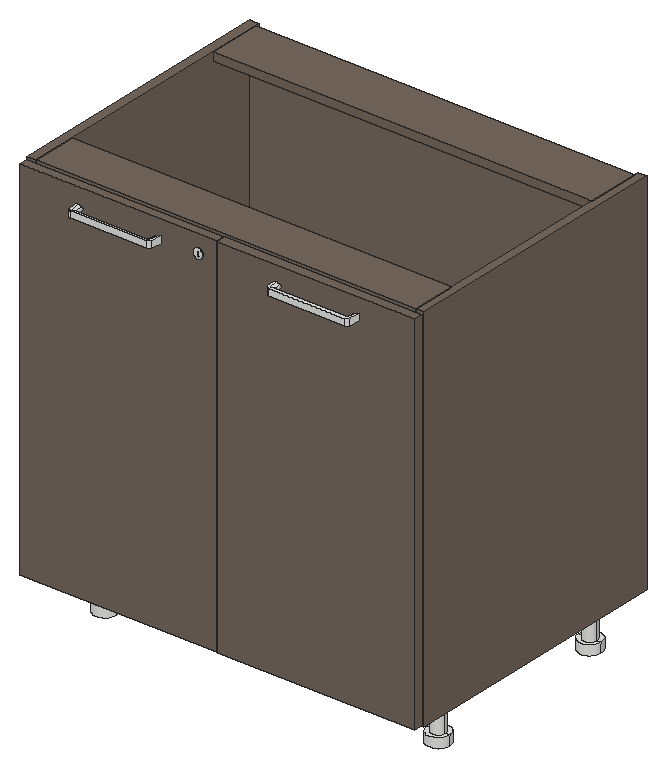
Revit family "Base_Cabinets-Teknion-CEBKS_Base_Cabinet_For_Sink_Doors-R2023", category Furniture, Revit 2023
Family settings
  OmniClass Number = 23.40.20.00
  OmniClass Title = General Furniture and Specialties
  Work Plane-Based = No
  Enable Cutting in Views = No
  Always vertical = Yes
  Cut with Voids When Loaded = No
  Render Appearance Source = Family Geometry
  Shared = Yes
  Room Calculation Point = No
Parameters (values of type "24" Depth")
  Width [instance] = 33.000"
  Warranty = "http://www.teknion.com/ca/papers/legal-canada"
  Unit Weight URL = "http://www.teknion.com/ca/tools/assets#&asset=bee6a381-b954-425e-8283-5a2de3a804f2,f828d448-4b62-4231-9e5f-9a8991c0ed77"
  URL = "www.teknion.com"
  To render please download texture images found here [instance] = "https://assets.teknion.com/web/5e81352c1dfdb467/revit-material-swatches/"
  Sustainability Data = "https://www.teknion.com/ca/tools/assets#&topic=216f99a5-57a0-44fc-b10a-9dee9b29ae4c&asset=444deb64-fe58-4b68-981e-f75e97781df7,b4ff2d81-9f2e-437d-9659-7cffb09c31cf"
  Series = "Expansion Casework+"  # constant formula
  Pull Finish [instance] = Paint - Teknion - Foundation - Crisp Grey
  Product Page URL = "https://www.teknion.com/ca/products/product-details?productLineId=30ca1270-8e7a-673b-a6c8-ff05004460c4"
  Product Line = "Base Cabinets"  # constant formula
  Product Documentation Link = "https://www.teknion.com/pricing/expansion-casework/pdfs/CEBKS_ppg.pdf"
  Part Number = "CEBKS"  # constant formula
  Model = "CEBKS24_____"
  Manufacturer Phone = "416-661-3370"  # constant formula
  Manufacturer Fax = "416.661.4586"  # constant formula
  Manufacturer Contact Information = "http://www.teknion.com/ca/contactus"
  Manufacturer Address = "1150 Flint Road, Toronto, ON. M3J 2J5. Canada"  # constant formula
  Manufacturer = "Teknion"  # constant formula
  How To Use Teknion Materials User Guide [instance] = "https://assets.teknion.com/m/205dd0a49fa58060/original/How-to-add-a-Material-Library-and-Texture-Images-to-your-Revit-project.pdf"
  Height [instance] = 35.000"
  Handle 2 [instance] = Height = 32.000"  # no
  Handle 1 [instance] = Height = 35.000"  # yes
  Front Finish [instance] = Source Laminate - Teknion - 3M - Provincial Oak
  For Additional Finishes please visit [instance] = "https://assets.teknion.com/m/44a8009b046e5d47/original/Teknion_Materials_Library.zip"
  Foot Finish [instance] = Paint - Teknion - Foundation - Crisp Grey
  Foot - Center [instance] = Width = 42.000"  # no
  Description = "Base Cabinet For Sink - Doors, 24\" Depth"
  Depth = 24.000"
  Default Elevation = 0.000"
  Case Finish [instance] = Source Laminate - Teknion - 3M - Provincial Oak
  Available Width [instance] = "24, 27, 30, 33, 36 & 42 Inch"  # constant formula
  Available Height [instance] = "32 & 35 Inch"  # constant formula
  Available Depth = "24 & 29 Inch"  # constant formula
  Assembly Code = "E2020200"
  Actual Height [instance] = if(Height = 32.000", Height - 0.250", Height + 0.000")  # 35.000"
Types (3): name | Pull Finish | Model | Front Finish | Foot Finish | Description | Depth | Case Finish
  (no name) | Paint - Teknion - Foundation - Crisp Grey | "CEBKS24_____" | Source Laminate - Teknion - 3M - Provincial Oak | Paint - Teknion - Foundation - Crisp Grey | "Base Cabinet For Sink - Doors, 24\" Depth" | 24.000" | Source Laminate - Teknion - 3M - Provincial Oak
  29" Depth | Paint - Teknion - Mica - Burnished Bronze | "CEBKS29_____" | Grade 2 Laminate - Teknion - WV - Midnight | Paint - Teknion - Mica - Burnished Bronze | "Base Cabinet For Sink - Doors, 29\" Depth" | 29.000" | Source Laminate - Teknion - RV - Very White
  24" Depth | Paint - Teknion - Foundation - Crisp Grey | "CEBKS24_____" | Source Laminate - Teknion - 3M - Provincial Oak | Paint - Teknion - Foundation - Crisp Grey | "Base Cabinet For Sink - Doors, 24\" Depth" | 24.000" | Source Laminate - Teknion - 3M - Provincial Oak
Reference planes (in)
  plane 1 "Center Front/Back": y = -14.5
  plane 2: z = 0
  plane 3 "Center Left/Right": x = 21
  plane 4 "Left": x = 4.5
  plane 5 "Right": x = 37.5
  plane 6 "Back": y = -2.5
  plane 7 "Front": y = -26.5
  plane 8 "Top": z = 35
  plane 9: x = 29.25
  plane 10: x = 12.75
  plane 11: z = 4.13386
  plane 12 "Foot 2": y = -5.09843
  plane 13 "Foot 1": y = -20.85433
Forms (in)
  Sweep 1, solid, material "Source Laminate - Teknion - 3M - Provincial Oak" <- "Case Finish"
    path origin (0, 0, 0) x (1, 0, 0) y (0, 1, 0)
      loop
        line (4.5, -14.5) -> (5.20079, -14.5)
    profile origin (4.85039, -14.5, 0) x (0, 1, 0) y (0, 0, 1)
      loop
        line (12, 35) -> (-11.16142, 35) -> (-11.16142, 4.13386) -> (12, 4.13386) -> (12, 35)
  Sweep 2, solid, material "Source Laminate - Teknion - 3M - Provincial Oak" <- "Case Finish"
    path origin (0, 0, 0) x (1, 0, 0) y (0, 1, 0)
      loop
        line (37.5, -14.5) -> (36.79921, -14.5)
    profile origin (37.14961, -14.5, 0) x (0, -1, 0) y (0, 0, 1)
      loop
        line (-12, 35) -> (-12, 4.13386) -> (11.16142, 4.13386) -> (11.16142, 35) -> (-12, 35)
  Sweep 3, solid, material "Source Laminate - Teknion - 3M - Provincial Oak" <- "Case Finish"
    path origin (0, 0, 0) x (1, 0, 0) y (0, 1, 0)
      loop
        line (36.79921, -14.5) -> (5.20079, -14.5)
    profile origin (21, -14.5, 0) x (0, -1, 0) y (0, 0, 1)
      loop
        line (7.38189, 34.29921) -> (11.16142, 34.29921) -> (11.16142, 35) -> (7.38189, 35) -> (7.38189, 34.29921)
      loop
        line (-7.20472, 34.29921) -> (-7.20472, 35) -> (-11.68504, 35) -> (-11.68504, 34.29921) -> (-7.20472, 34.29921)
  Sweep 4, solid, material "Source Laminate - Teknion - 3M - Provincial Oak" <- "Case Finish"
    path origin (0, 0, 0) x (1, 0, 0) y (0, 1, 0)
      loop
        line (36.79921, -14.5) -> (5.20079, -14.5)
    profile origin (21, -14.5, 0) x (0, -1, 0) y (0, 0, 1)
      loop
        line (-10.98425, 34.29921) -> (-11.68504, 34.29921) -> (-11.68504, 5.14961) -> (-10.98425, 5.14961) -> (-10.98425, 34.29921)
  Sweep 5, solid, material "Source Laminate - Teknion - 3M - Provincial Oak" <- "Front Finish"
    path origin (0, 0, 0) x (1, 0, 0) y (0, 1, 0)
      loop
        line (21, -26.5) -> (21, -25.79921)
    profile origin (21, -26.14961, 0) x (-1, 0, 0) y (0, 0, 1)
      loop
        line (0.05906, 34.88189) -> (0.05906, 4.25197) -> (16.44094, 4.25197) -> (16.44094, 34.88189) -> (0.05906, 34.88189)
      loop
        line (-0.05906, 34.88189) -> (-16.44094, 34.88189) -> (-16.44094, 4.25197) -> (-0.05906, 4.25197) -> (-0.05906, 34.88189)
  Sweep 6, solid, material "Paint - Teknion - Foundation - Crisp Grey" <- "Pull Finish", visible <- "Handle 2"
    path origin (0, -14.5, 0) x (1, 0, 0) y (0, 0, 1)
      loop
        line (21, 30.32283) -> (21, 29.79183)
    profile origin (21, -14.5, 30.05733) x (0, -1, 0) y (1, 0, 0)
      loop
        line (12, -11.74508) -> (12.80409, -11.64635)
        arc (12.80409, -11.64635) -> (12.96086, -11.56387) -> (13.02362, -11.39821) r 0.25
        line (13.02362, -11.39821) -> (13.02362, -5.10179)
        arc (13.02362, -5.10179) -> (12.96086, -4.93613) -> (12.80409, -4.85365) r 0.25
        line (12.80409, -4.85365) -> (12, -4.75492) -> (12, -4.89272) -> (12.7874, -5.01835) -> (12.7874, -11.48165) -> (12, -11.60728) -> (12, -11.74508)
      loop
        line (12, 4.75492) -> (12.80409, 4.85365)
        arc (12.80409, 4.85365) -> (12.96086, 4.93613) -> (13.02362, 5.10179) r 0.25
        line (13.02362, 5.10179) -> (13.02362, 11.39821)
        arc (13.02362, 11.39821) -> (12.96086, 11.56387) -> (12.80409, 11.64635) r 0.25
        line (12.80409, 11.64635) -> (12, 11.74508) -> (12, 11.60728) -> (12.7874, 11.48165) -> (12.7874, 5.01835) -> (12, 4.89272) -> (12, 4.75492)
  Sweep 7, void
    path origin (0, -14.5, 0) x (1, 0, 0) y (0, 0, 1)
      loop
        line (21, 30.6875) -> (21, 29.4375)
    profile origin (21, -14.5, 30.0625) x (0, -1, 0) y (1, 0, 0)
      loop
        line (12.7874, -11.80845) -> (13.2874, -11.80845) -> (13.2874, -4.69155) -> (12.7874, -4.69155) -> (12.7874, -11.80845)
      loop
        line (12, -11.80845) -> (12, -4.69155) -> (11.40625, -4.69155) -> (11.40625, -11.80845) -> (12, -11.80845)
      loop
        line (12.7874, 11.80845) -> (12.7874, 4.69155) -> (13.2874, 4.69155) -> (13.2874, 11.80845) -> (12.7874, 11.80845)
      loop
        line (12, 11.80845) -> (11.40625, 11.80845) -> (11.40625, 4.69155) -> (12, 4.69155) -> (12, 11.80845)
  Sweep 8, solid, material "Paint - Teknion - Foundation - Crisp Grey" <- "Pull Finish", visible <- "Handle 2"
    path origin (0, 0, 0) x (1, 0, 0) y (0, 1, 0)
      loop
        line (16.1786, -26.05302) -> (15.92469, -27.64439)
    profile origin (16.05164, -26.8487, 0) x (0.987508, -0.157566, 0) y (0, 0, 1)
      loop
        line (-0.0382, 29.79183) -> (0, 29.79183) -> (0, 30.32283) -> (-0.0382, 30.32283) -> (-0.27511, 30.20867)
        arc (-0.27511, 30.20867) -> (-0.37017, 30.05733) -> (-0.27511, 29.906) r 0.16799
        line (-0.27511, 29.906) -> (-0.0382, 29.79183)
  Sweep 9, solid, material "Paint - Teknion - Foundation - Crisp Grey" <- "Pull Finish", visible <- "Handle 2"
    path origin (21, 0, 0) x (1, 0, 0) y (0, 1, 0)
      loop
        line (11.6786, -26.05302) -> (11.42469, -27.64439)
    profile origin (32.55164, -26.8487, 0) x (0.987508, -0.157566, 0) y (0, 0, 1)
      loop
        line (-0.0382, 29.79183) -> (0, 29.79183) -> (0, 30.32283) -> (-0.0382, 30.32283) -> (-0.27511, 30.20867)
        arc (-0.27511, 30.20867) -> (-0.37017, 30.05733) -> (-0.27511, 29.906) r 0.16799
        line (-0.27511, 29.906) -> (-0.0382, 29.79183)
  Sweep 10, solid, material "Paint - Teknion - Foundation - Crisp Grey" <- "Pull Finish", visible <- "Handle 2"
    path origin (42, 0, 0) x (-1, 0, 0) y (0, -1, 0)
      loop
        line (16.1786, 26.05302) -> (15.92469, 27.64439)
    profile origin (25.94836, -26.8487, 0) x (0.987508, 0.157566, 0) y (0, 0, 1)
      loop
        line (0.03717, 30.32283) -> (0, 30.32283) -> (0, 29.79183) -> (0.0382, 29.79183) -> (0.27511, 29.906)
        arc (0.27511, 29.906) -> (0.37002, 30.05709) -> (0.27511, 30.20817) r 0.16772
        line (0.27511, 30.20817) -> (0.03717, 30.32283)
  Sweep 11, solid, material "Paint - Teknion - Foundation - Crisp Grey" <- "Pull Finish", visible <- "Handle 2"
    path origin (0, 0, 0) x (1, 0, 0) y (0, 1, 0)
      loop
        line (9.3214, -26.05302) -> (9.57531, -27.64439)
    profile origin (9.44836, -26.8487, 0) x (0.987508, 0.157566, 0) y (0, 0, 1)
      loop
        line (0.27167, 30.20817) -> (0.03671, 30.32283) -> (0, 30.32283) -> (0, 29.79183) -> (0.03773, 29.79183) -> (0.27167, 29.906)
        arc (0.27167, 29.906) -> (0.36606, 30.05709) -> (0.27167, 30.20817) r 0.16812
  Sweep 12, solid, material "Source Laminate - Teknion - 3M - Provincial Oak" <- "Case Finish"
    path origin (0, -14.5, 0) x (1, 0, 0) y (0, 0, 1)
      loop
        line (21, 5.14961) -> (21, 4.13386)
    profile origin (21, -14.5, 4.64173) x (0, -1, 0) y (1, 0, 0)
      loop
        line (-11.68504, 15.79921) -> (-11.68504, -15.79921) -> (11.16142, -15.79921) -> (11.16142, 15.79921) -> (-11.68504, 15.79921)
  Sweep 13, solid, material "Paint - Teknion - Foundation - Crisp Grey" <- "Pull Finish"
    path origin (0, 0, 0) x (1, 0, 0) y (0, 1, 0)
      loop
        line (21, -26.55906) -> (21, -26.5)
    profile origin (21, -26.52953, 0) x (-1, 0, 0) y (0, 0, 1)
      loop
        circle (1.5748, 33.42126) r 0.3937
      loop
        line (1.62402, 33.60827) -> (1.52559, 33.60827) -> (1.52559, 33.23425) -> (1.62402, 33.23425) -> (1.62402, 33.60827)
  Sweep 14, solid, material "Paint - Teknion - Foundation - Crisp Grey" <- "Pull Finish", visible <- "Handle 1"
    path origin (0, -14.5, 0) x (1, 0, 0) y (0, 0, 1)
      loop
        line (21, 33.57283) -> (21, 33.04183)
    profile origin (21, -14.5, 33.30733) x (0, -1, 0) y (1, 0, 0)
      loop
        line (13.02362, -11.39821) -> (13.02362, -5.10179)
        arc (13.02362, -5.10179) -> (12.96086, -4.93613) -> (12.80409, -4.85365) r 0.25
        line (12.80409, -4.85365) -> (12, -4.75492) -> (12, -4.89272) -> (12.7874, -5.01835) -> (12.7874, -11.48165) -> (12, -11.60728) -> (12, -11.74508) -> (12.80409, -11.64635)
        arc (12.80409, -11.64635) -> (12.96086, -11.56387) -> (13.02362, -11.39821) r 0.25
      loop
        arc (13.02362, 11.39821) -> (12.96086, 11.56387) -> (12.80409, 11.64635) r 0.25
        line (12.80409, 11.64635) -> (12, 11.74508) -> (12, 11.60728) -> (12.7874, 11.48165) -> (12.7874, 5.01835) -> (12, 4.89272) -> (12, 4.75492) -> (12.80409, 4.85365)
        arc (12.80409, 4.85365) -> (12.96086, 4.93613) -> (13.02362, 5.10179) r 0.25
        line (13.02362, 5.10179) -> (13.02362, 11.39821)
  Sweep 15, void
    path origin (0, -14.5, 0) x (1, 0, 0) y (0, 0, 1)
      loop
        line (21, 32.6875) -> (21, 33.9375)
    profile origin (21, -14.5, 33.3125) x (-1, 0, 0) y (0, -1, 0)
      loop
        line (11.80845, 13.2874) -> (4.69155, 13.2874) -> (4.69155, 12.7874) -> (11.80845, 12.7874) -> (11.80845, 13.2874)
      loop
        line (4.69155, 12) -> (4.69155, 11.40625) -> (11.80845, 11.40625) -> (11.80845, 12) -> (4.69155, 12)
      loop
        line (-11.80845, 11.40625) -> (-4.69155, 11.40625) -> (-4.69155, 12) -> (-11.80845, 12) -> (-11.80845, 11.40625)
      loop
        line (-4.69155, 13.2874) -> (-11.80845, 13.2874) -> (-11.80845, 12.7874) -> (-4.69155, 12.7874) -> (-4.69155, 13.2874)
  Sweep 16, solid, material "Paint - Teknion - Foundation - Crisp Grey" <- "Pull Finish", visible <- "Handle 1"
    path origin (0, 0, 0) x (1, 0, 0) y (0, 1, 0)
      loop
        line (9.3214, -26.05302) -> (9.57531, -27.64439)
    profile origin (9.44836, -26.8487, 0) x (0.987508, 0.157566, 0) y (0, 0, 1)
      loop
        line (0.27167, 33.45817) -> (0.03671, 33.57283) -> (0, 33.57283) -> (0, 33.04183) -> (0.03773, 33.04183) -> (0.27167, 33.156)
        arc (0.27167, 33.156) -> (0.36606, 33.30709) -> (0.27167, 33.45817) r 0.16812
  Sweep 17, solid, material "Paint - Teknion - Foundation - Crisp Grey" <- "Pull Finish", visible <- "Handle 1"
    path origin (0, 0, 0) x (1, 0, 0) y (0, 1, 0)
      loop
        line (15.92469, -27.64439) -> (16.1786, -26.05302)
    profile origin (16.05164, -26.8487, 0) x (-0.987508, 0.157566, 0) y (0, 0, 1)
      loop
        line (0.27511, 33.45867) -> (0.0382, 33.57283) -> (0, 33.57283) -> (0, 33.04183) -> (0.0382, 33.04183) -> (0.27511, 33.156)
        arc (0.27511, 33.156) -> (0.37017, 33.30733) -> (0.27511, 33.45867) r 0.16799
  Sweep 18, solid, material "Paint - Teknion - Foundation - Crisp Grey" <- "Pull Finish", visible <- "Handle 1"
    path origin (0, 0, 0) x (1, 0, 0) y (0, 1, 0)
      loop
        line (25.8214, -26.05302) -> (26.07531, -27.64439)
    profile origin (25.94836, -26.8487, 0) x (0.987508, 0.157566, 0) y (0, 0, 1)
      loop
        arc (0.27511, 33.156) -> (0.37002, 33.30709) -> (0.27511, 33.45817) r 0.16772
        line (0.27511, 33.45817) -> (0.03717, 33.57283) -> (0, 33.57283) -> (0, 33.04183) -> (0.0382, 33.04183) -> (0.27511, 33.156)
  Sweep 19, solid, material "Paint - Teknion - Foundation - Crisp Grey" <- "Pull Finish", visible <- "Handle 1"
    path origin (0, 0, 0) x (1, 0, 0) y (0, 1, 0)
      loop
        line (32.42469, -27.64439) -> (32.6786, -26.05302)
    profile origin (32.55164, -26.8487, 0) x (-0.987508, 0.157566, 0) y (0, 0, 1)
      loop
        arc (0.27511, 33.156) -> (0.37017, 33.30733) -> (0.27511, 33.45867) r 0.16799
        line (0.27511, 33.45867) -> (0.0382, 33.57283) -> (0, 33.57283) -> (0, 33.04183) -> (0.0382, 33.04183) -> (0.27511, 33.156)
  Revolve 20, solid, material "Paint - Teknion - Foundation - Crisp Grey" <- "Foot Finish"
    sketch origin (0, -20.85433, 0) x (-1, 0, 0) y (0, 0, 1)
      loop
        line (-7.14567, 4.13386) -> (-7.14567, 0) -> (-6.20276, 0) -> (-6.20276, 0.7874) -> (-6.59449, 0.7874) -> (-6.59449, 3.11024) -> (-6.20846, 3.11024) -> (-6.20846, 4.13386) -> (-7.14567, 4.13386)
      axis (-7.14567, 4.13386) -> (-7.14567, 0)
    angle from 0 to 360
  Revolve 21, solid, material "Paint - Teknion - Foundation - Crisp Grey" <- "Foot Finish", visible <- "Foot - Center"
    sketch origin (18.35433, -20.85433, 0) x (-1, 0, 0) y (0, 0, 1)
      loop
        line (-2.64567, 4.13386) -> (-2.64567, 0) -> (-1.70276, 0) -> (-1.70276, 0.7874) -> (-2.09449, 0.7874) -> (-2.09449, 3.11024) -> (-1.70846, 3.11024) -> (-1.70846, 4.13386) -> (-2.64567, 4.13386)
      axis (-2.64567, 4.13386) -> (-2.64567, 0)
    angle from 0 to 360
  Revolve 22, solid, material "Paint - Teknion - Foundation - Crisp Grey" <- "Foot Finish"
    sketch origin (36.70866, -20.85433, 0) x (-1, 0, 0) y (0, 0, 1)
      loop
        line (1.85433, 4.13386) -> (1.85433, 0) -> (2.79724, 0) -> (2.79724, 0.7874) -> (2.40551, 0.7874) -> (2.40551, 3.11024) -> (2.79154, 3.11024) -> (2.79154, 4.13386) -> (1.85433, 4.13386)
      axis (1.85433, 4.13386) -> (1.85433, 0)
    angle from 0 to 360
  Revolve 23, solid, material "Paint - Teknion - Foundation - Crisp Grey" <- "Foot Finish"
    sketch origin (4.75, -5.09843, 0) x (-1, 0, 0) y (0, 0, 1)
      loop
        line (-30.10433, 4.13386) -> (-30.10433, 0) -> (-29.16142, 0) -> (-29.16142, 0.7874) -> (-29.55315, 0.7874) -> (-29.55315, 3.11024) -> (-29.16713, 3.11024) -> (-29.16713, 4.13386) -> (-30.10433, 4.13386)
      axis (-30.10433, 4.13386) -> (-30.10433, 0)
    angle from 0 to 360
  Revolve 24, solid, material "Paint - Teknion - Foundation - Crisp Grey" <- "Foot Finish"
    sketch origin (37.25, -5.09843, 0) x (1, 0, 0) y (0, 0, -1)
      loop
        line (-30.10433, -4.13386) -> (-30.10433, 0) -> (-31.04724, 0) -> (-31.04724, -0.7874) -> (-30.65551, -0.7874) -> (-30.65551, -3.11024) -> (-31.04154, -3.11024) -> (-31.04154, -4.13386) -> (-30.10433, -4.13386)
      axis (-30.10433, -4.13386) -> (-30.10433, 0)
    angle from 0 to 360
Cuts and joins
  Sweep 15 cuts Sweep 16
  Sweep 15 cuts Sweep 17
  Sweep 15 cuts Sweep 18
  Sweep 15 cuts Sweep 19
  joined: Sweep 14, Sweep 16, Sweep 17, Sweep 18, Sweep 19
  Sweep 7 cuts Sweep 8
  Sweep 7 cuts Sweep 9
  Sweep 7 cuts Sweep 10
  Sweep 7 cuts Sweep 11
  joined: Sweep 6, Sweep 8, Sweep 9, Sweep 10, Sweep 11
Lines and regions (in)
  Masking region 1
    outline origin (0, 0, 0) x (1, 0, 0) y (0, 1, 0)
      loop
        line (4.55906, -25.79921) -> (4.55906, -26.5) -> (20.94094, -26.5) -> (20.94094, -25.79921) -> (4.55906, -25.79921)
      loop
        line (21.05906, -25.79921) -> (21.05906, -26.5) -> (37.44094, -26.5) -> (37.44094, -25.79921) -> (21.05906, -25.79921)
  Masking region 2
    outline origin (0, 0, 0) x (1, 0, 0) y (0, 1, 0)
      loop
        line (19.0315, -26.55906) -> (19.8189, -26.55906) -> (19.8189, -26.5) -> (19.0315, -26.5) -> (19.0315, -26.55906)
      loop
        line (16.14635, -27.30409) -> (16.24508, -26.5) -> (15.73251, -26.5) -> (15.60687, -27.2874) -> (9.88897, -27.2874) -> (9.76333, -26.5) -> (9.25492, -26.5) -> (9.35365, -27.30409)
        arc (9.35365, -27.30409) -> (9.43613, -27.46086) -> (9.60179, -27.52362) r 0.25
        line (9.60179, -27.52362) -> (15.89821, -27.52362)
        arc (15.89821, -27.52362) -> (16.06387, -27.46086) -> (16.14635, -27.30409) r 0.25
      loop
        line (25.75492, -26.5) -> (25.85365, -27.30409)
        arc (25.85365, -27.30409) -> (25.93613, -27.46086) -> (26.10179, -27.52362) r 0.25
        line (26.10179, -27.52362) -> (32.39821, -27.52362)
        arc (32.39821, -27.52362) -> (32.56387, -27.46086) -> (32.64635, -27.30409) r 0.25
        line (32.64635, -27.30409) -> (32.74508, -26.5) -> (32.23251, -26.5) -> (32.10687, -27.2874) -> (26.39297, -27.2874) -> (26.26733, -26.5) -> (25.75492, -26.5)
  Masking region 3
    outline origin (0, 0, 0) x (1, 0, 0) y (0, 1, 0)
      loop
        line (4.5, -25.66142) -> (37.5, -25.66142) -> (37.5, -2.5) -> (36.79921, -2.5) -> (36.79921, -2.81496) -> (5.20079, -2.81496) -> (5.20079, -2.5) -> (4.5, -2.5) -> (4.5, -25.66142)
  reference lines
    curve 1: line (4.5, -2.5, 0) -> (37.5, -2.5, 0)
    curve 2: line (4.5, -26.5, 0) -> (37.5, -26.5, 0)
    curve 3: line (4.5, -2.5, 0) -> (4.5, -26.5, 0)
    curve 4: line (37.5, -2.5, 0) -> (37.5, -26.5, 0)
  symbolic lines
    curve 5: line (15.94296, -27.2874, 0) -> (9.55553, -27.2874, 0)
    curve 6: line (9.55553, -27.2874, 0) -> (9.42989, -26.5, 0)
    curve 7: line (16.0686, -26.5, 0) -> (15.94296, -27.2874, 0)
    curve 8: line (32.44296, -27.2874, 0) -> (26.056, -27.2874, 0)
    curve 9: line (26.056, -27.2874, 0) -> (25.93036, -26.5, 0)
    curve 10: line (32.5686, -26.5, 0) -> (32.44296, -27.2874, 0)
    curve 11: line (5.20079, -25.66142, 0) -> (5.20079, -2.5, 0)
    curve 12: line (36.79921, -2.5, 0) -> (36.79921, -25.66142, 0)
    curve 13: line (5.20079, -7.29528, 0) -> (36.79921, -7.29528, 0)
    curve 14: line (36.79921, -21.88189, 0) -> (5.20079, -21.88189, 0)
  symbolic lines, style "FurnitureHiddenLines", detail levels medium+fine
    curve 15: line (5.20079, -3.51575, 0) -> (36.79921, -3.51575, 0)
  symbolic lines, style "FurnitureHiddenLines", detail levels fine
    curve 16: line (19.37598, -26.55906, 0) -> (19.37598, -26.5, 0)
    curve 17: line (19.47441, -26.5, 0) -> (19.47441, -26.55906, 0)
    curve 18: arc (8.08287, -20.85433, 0) -> (7.14567, -19.91713, 0) -> (6.20846, -20.85433, 0) r 0.9372
    curve 19: arc (7.69685, -20.85433, 0) -> (7.14567, -20.30315, 0) -> (6.59449, -20.85433, 0) r 0.55118
    curve 20: arc (6.59449, -20.85433, 0) -> (7.14567, -21.40551, 0) -> (7.69685, -20.85433, 0) r 0.55118
    curve 21: arc (6.20846, -20.85433, 0) -> (7.14567, -21.79154, 0) -> (8.08287, -20.85433, 0) r 0.9372
    curve 26: arc (35.79154, -20.85433, 0) -> (34.85433, -19.91713, 0) -> (33.91713, -20.85433, 0) r 0.9372
    curve 27: arc (35.40551, -20.85433, 0) -> (34.85433, -20.30315, 0) -> (34.30315, -20.85433, 0) r 0.55118
    curve 28: arc (34.30315, -20.85433, 0) -> (34.85433, -21.40551, 0) -> (35.40551, -20.85433, 0) r 0.55118
    curve 29: arc (33.91713, -20.85433, 0) -> (34.85433, -21.79154, 0) -> (35.79154, -20.85433, 0) r 0.9372
    curve 30: arc (35.79154, -5.09843, 0) -> (34.85433, -4.16122, 0) -> (33.91713, -5.09843, 0) r 0.9372
    curve 31: arc (33.91713, -5.09843, 0) -> (34.85433, -6.03563, 0) -> (35.79154, -5.09843, 0) r 0.9372
    curve 32: arc (35.40551, -5.09843, 0) -> (34.85433, -4.54724, 0) -> (34.30315, -5.09843, 0) r 0.55118
    curve 33: arc (34.30315, -5.09843, 0) -> (34.85433, -5.64961, 0) -> (35.40551, -5.09843, 0) r 0.55118
    curve 34: arc (8.08287, -5.09843, 0) -> (7.14567, -4.16122, 0) -> (6.20846, -5.09843, 0) r 0.9372
    curve 35: arc (7.69685, -5.09843, 0) -> (7.14567, -4.54724, 0) -> (6.59449, -5.09843, 0) r 0.55118
    curve 36: arc (6.59449, -5.09843, 0) -> (7.14567, -5.64961, 0) -> (7.69685, -5.09843, 0) r 0.55118
    curve 37: arc (6.20846, -5.09843, 0) -> (7.14567, -6.03563, 0) -> (8.08287, -5.09843, 0) r 0.9372
  symbolic lines, style "FurnitureHiddenLines", visible <- "Foot - Center", detail levels fine
    curve 22: arc (21.9372, -20.85433, 0) -> (21, -19.91713, 0) -> (20.0628, -20.85433, 0) r 0.9372
    curve 23: arc (21.55118, -20.85433, 0) -> (21, -20.30315, 0) -> (20.44882, -20.85433, 0) r 0.55118
    curve 24: arc (20.44882, -20.85433, 0) -> (21, -21.40551, 0) -> (21.55118, -20.85433, 0) r 0.55118
    curve 25: arc (20.0628, -20.85433, 0) -> (21, -21.79154, 0) -> (21.9372, -20.85433, 0) r 0.9372
Dimensions and locks (in)
  "Width": plane 4 "Left" to plane 5 "Right"
  "Depth": plane 6 "Back" to plane 7 "Front"
  "Actual Height": plane 8 "Top" to level
  equal spacing: plane 6 "Back", plane 1 "Center Front/Back", plane 7 "Front"
  equal spacing: plane 4 "Left", plane 3 "Center Left/Right", plane 5 "Right"
  equal spacing: plane 4 "Left", plane 10, plane 3 "Center Left/Right"
  equal spacing: plane 3 "Center Left/Right", plane 9, plane 5 "Right"
  locked: plane 11 to plane 2 at 4.13386
  locked: plane 4 "Left" to Sweep 1 sketch curve at 0.70079
  locked: plane 7 "Front" to Sweep 1 sketch curve at 0.83858
  locked: Sweep 2 sketch curve to plane 5 "Right" at 0.70079
  locked: plane 7 "Front" to Sweep 2 sketch curve at 0.83858
  locked: plane 4 "Left" to Sweep 3 sketch curve at 0.70079
  locked: Sweep 3 sketch curve to plane 5 "Right" at 0.70079
  Sweep 3 sketch curve to Sweep 3 sketch curve to plane 6 "Back" = 4.48031" locked, 0.31496" locked
  plane 7 "Front" to Sweep 3 sketch curve to Sweep 3 sketch curve = 0.83858" locked, 3.77953" locked
  locked: plane 8 "Top" to Sweep 3 sketch curve at 0.70079  (x2)
  locked: Sweep 4 sketch curve to plane 5 "Right" at 0.70079
  locked: plane 4 "Left" to Sweep 4 sketch curve at 0.70079
  Sweep 4 sketch curve to Sweep 4 sketch curve to plane 6 "Back" = 0.70079" locked, 0.31496" locked
  locked: plane 8 "Top" to Sweep 4 sketch curve at 0.70079
  locked: plane 7 "Front" to Sweep 5 sketch curve at 0.70079
  locked: Sweep 5 sketch curve to plane 11 at 0.11811
  Sweep 5 sketch curve to plane 3 "Center Left/Right" to Sweep 5 sketch curve = 0.05906" locked, 0.05906" locked
  locked: Sweep 5 sketch curve to plane 4 "Left" at 0.05906
  locked: Sweep 5 sketch curve to plane 5 "Right" at 0.05906
  locked: plane 8 "Top" to Sweep 5 sketch curve at 0.11811  (x2)
  Sweep 6 sketch curve to Sweep 6 sketch curve to plane 2 = 0.531" locked, 29.79183" locked
  Sweep 6 sketch curve to Sweep 6 sketch curve to Sweep 6 sketch curve to Sweep 6 sketch curve to Sweep 6 sketch curve to plane 10 to Sweep 6 sketch curve to Sweep 6 sketch curve to Sweep 6 sketch curve to Sweep 6 sketch curve to Sweep 6 sketch curve = 0.09873" locked, 0.03907" locked, 0.12564" locked, 0.08343" locked, 3.14821" locked, 3.14821" locked, 0.08343" locked, 0.12564" locked, 0.03907" locked, 0.09873" locked
  plane 7 "Front" to Sweep 6 sketch curve to Sweep 6 sketch curve = 0.7874" locked, 0.23622" locked  (x2)
  Sweep 6 sketch curve to Sweep 6 sketch curve to Sweep 6 sketch curve to Sweep 6 sketch curve to Sweep 6 sketch curve to plane 9 to Sweep 6 sketch curve to Sweep 6 sketch curve to Sweep 6 sketch curve to Sweep 6 sketch curve to Sweep 6 sketch curve = 0.09873" locked, 0.03907" locked, 0.12564" locked, 0.08343" locked, 3.14821" locked, 3.14821" locked, 0.08343" locked, 0.12564" locked, 0.03907" locked, 0.09873" locked
  Sweep 7 sketch curve to Sweep 7 sketch curve to plane 2 = 1.250" locked, 29.4375" locked
  Sweep 7 sketch curve to plane 10 to Sweep 7 sketch curve = 3.55845" locked, 3.55845" locked
  Sweep 7 sketch curve to plane 9 to Sweep 7 sketch curve = 3.55845" locked, 3.55845" locked
  Sweep 7 sketch curve to Sweep 7 sketch curve to plane 7 "Front" to Sweep 7 sketch curve = 0.500" locked, 0.7874" locked, 0.59375" locked
  plane 10 to Sweep 8 sketch curve to Sweep 8 sketch curve = 3.17469" locked, 0.25392" locked
  Sweep 8 sketch curve to plane 7 "Front" to Sweep 8 sketch curve = 0.44698" locked, 1.14439" locked
  plane 9 to Sweep 9 sketch curve to Sweep 9 sketch curve = 3.17469" locked, 0.25392" locked
  Sweep 9 sketch curve to plane 7 "Front" to Sweep 9 sketch curve = 0.44698" locked, 1.14439" locked
  plane 9 to Sweep 10 sketch curve to Sweep 10 sketch curve = 3.17469" locked, 0.25392" locked
  Sweep 10 sketch curve to plane 7 "Front" to Sweep 10 sketch curve = 1.14439" locked, 0.44698" locked
  plane 10 to Sweep 11 sketch curve to Sweep 11 sketch curve = 3.17469" locked, 0.25392" locked
  Sweep 11 sketch curve to plane 7 "Front" to Sweep 11 sketch curve = 1.14439" locked, 0.44698" locked
  locked: Sweep 4 sketch curve to plane 11 at 1.01575
  locked: Sweep 12 sketch curve to plane 11 at 1.01575
  locked: plane 4 "Left" to Sweep 12 sketch curve at 0.70079
  locked: Sweep 12 sketch curve to plane 5 "Right" at 0.70079
  locked: plane 6 "Back" to Sweep 12 sketch curve at 0.31496
  locked: plane 7 "Front" to Sweep 12 sketch curve at 0.83858
  locked: Sweep 13 sketch curve to plane 7 "Front" at 0.05906
  plane 3 "Center Left/Right" to Sweep 13 sketch curve to Sweep 13 sketch curve to Sweep 13 sketch curve = 1.52559" locked, 0.04921" locked, 0.04921" locked
  plane 8 "Top" to Sweep 13 sketch curve to Sweep 13 sketch curve to Sweep 13 sketch curve = 1.39173" locked, 0.18701" locked, 0.18701" locked
  Sweep 14 sketch curve to Sweep 14 sketch curve to plane 2 = 0.531" locked, 33.04183" locked
  Sweep 14 sketch curve to Sweep 14 sketch curve to Sweep 14 sketch curve to Sweep 14 sketch curve to plane 9 to Sweep 14 sketch curve to Sweep 14 sketch curve to Sweep 14 sketch curve to Sweep 14 sketch curve = 0.1378" locked, 0.12564" locked, 0.08343" locked, 3.14821" locked, 3.14821" locked, 0.08343" locked, 0.12564" locked, 0.1378" locked
  Sweep 14 sketch curve to Sweep 14 sketch curve to Sweep 14 sketch curve to Sweep 14 sketch curve to Sweep 14 sketch curve to Sweep 14 sketch curve to plane 7 "Front" = 0.21953" locked, 0.000" locked, 0.01669" locked, 0.01378" locked, 0.000" locked, 0.77362" locked  (x2)
  Sweep 14 sketch curve to Sweep 14 sketch curve to Sweep 14 sketch curve to Sweep 14 sketch curve to plane 10 to Sweep 14 sketch curve to Sweep 14 sketch curve to Sweep 14 sketch curve to Sweep 14 sketch curve = 0.1378" locked, 0.12564" locked, 0.08343" locked, 3.14821" locked, 3.14821" locked, 0.08343" locked, 0.12564" locked, 0.1378" locked
  Sweep 15 sketch curve to Sweep 15 sketch curve to plane 2 = 1.250" locked, 32.6875" locked
  Sweep 15 sketch curve to plane 10 to Sweep 15 sketch curve = 3.55845" locked, 3.55845" locked
  Sweep 15 sketch curve to plane 9 to Sweep 15 sketch curve = 3.55845" locked, 3.55845" locked
  Sweep 15 sketch curve to Sweep 15 sketch curve to plane 7 "Front" to Sweep 15 sketch curve = 0.500" locked, 0.7874" locked, 0.59375" locked
  plane 10 to Sweep 16 sketch curve to Sweep 16 sketch curve = 3.17469" locked, 0.25392" locked
  Sweep 16 sketch curve to plane 7 "Front" to Sweep 16 sketch curve = 1.14439" locked, 0.44698" locked
  Sweep 16 sketch curve to Sweep 16 sketch curve to Sweep 16 sketch curve to Sweep 16 sketch curve to Sweep 16 sketch curve to plane 10 = 0.03625" locked, 0.001" locked, 0.23103" locked, 0.000" locked, 3.03336" locked
  Sweep 16 sketch curve to Sweep 16 sketch curve to Sweep 16 sketch curve to Sweep 16 sketch curve to Sweep 16 sketch curve to plane 2 = 0.11466" locked, 0.15109" locked, 0.15109" locked, 0.11416" locked, 33.04183" locked
  Sweep 11 sketch curve to Sweep 11 sketch curve to Sweep 11 sketch curve to Sweep 11 sketch curve to Sweep 11 sketch curve to plane 10 = 0.03625" locked, 0.001" locked, 0.23103" locked, 0.000" locked, 3.03336" locked
  Sweep 11 sketch curve to Sweep 11 sketch curve to Sweep 11 sketch curve to Sweep 11 sketch curve to Sweep 11 sketch curve to plane 2 = 0.11466" locked, 0.15109" locked, 0.15109" locked, 0.11416" locked, 29.79183" locked
  plane 10 to Sweep 8 sketch curve to Sweep 8 sketch curve to Sweep 8 sketch curve to Sweep 8 sketch curve to Sweep 8 sketch curve = 3.02997" locked, 0.000" locked, 0.23395" locked, 0.000" locked, 0.03773" locked
  Sweep 8 sketch curve to Sweep 8 sketch curve to Sweep 8 sketch curve to Sweep 8 sketch curve to Sweep 8 sketch curve to plane 2 = 0.11416" locked, 0.15134" locked, 0.15134" locked, 0.11416" locked, 29.79183" locked
  Sweep 17 sketch curve to Sweep 17 sketch curve to plane 10 = 0.25392" locked, 3.17469" locked
  Sweep 17 sketch curve to plane 7 "Front" to Sweep 17 sketch curve = 1.14439" locked, 0.44698" locked
  Sweep 17 sketch curve to Sweep 17 sketch curve to Sweep 17 sketch curve to Sweep 17 sketch curve to Sweep 17 sketch curve to plane 10 = 0.03773" locked, 0.000" locked, 0.23395" locked, 0.000" locked, 3.02997" locked
  Sweep 17 sketch curve to Sweep 17 sketch curve to Sweep 17 sketch curve to Sweep 17 sketch curve to Sweep 17 sketch curve to plane 2 = 0.11416" locked, 0.15134" locked, 0.15134" locked, 0.11416" locked, 33.04183" locked
  Sweep 18 sketch curve to Sweep 18 sketch curve to plane 9 = 0.25392" locked, 3.17469" locked
  Sweep 18 sketch curve to plane 7 "Front" to Sweep 18 sketch curve = 1.14439" locked, 0.44698" locked
  Sweep 18 sketch curve to Sweep 18 sketch curve to Sweep 18 sketch curve to Sweep 18 sketch curve to Sweep 18 sketch curve to plane 2 = 0.11466" locked, 0.15109" locked, 0.15109" locked, 0.11416" locked, 33.04183" locked
  Sweep 18 sketch curve to Sweep 18 sketch curve to Sweep 18 sketch curve to Sweep 18 sketch curve to Sweep 18 sketch curve to plane 9 = 0.03671" locked, 0.00102" locked, 0.23395" locked, 0.000" locked, 3.02997" locked
  Sweep 10 sketch curve to Sweep 10 sketch curve to Sweep 10 sketch curve to Sweep 10 sketch curve to Sweep 10 sketch curve to plane 9 = 0.03671" locked, 0.00102" locked, 0.23395" locked, 0.000" locked, 3.02997" locked
  Sweep 10 sketch curve to Sweep 10 sketch curve to Sweep 10 sketch curve to Sweep 10 sketch curve to Sweep 10 sketch curve to plane 2 = 0.11466" locked, 0.15109" locked, 0.15109" locked, 0.11416" locked, 29.79183" locked
  plane 9 to Sweep 9 sketch curve to Sweep 9 sketch curve to Sweep 9 sketch curve to Sweep 9 sketch curve to Sweep 9 sketch curve = 3.02997" locked, 0.000" locked, 0.23395" locked, 0.000" locked, 0.03773" locked
  Sweep 9 sketch curve to Sweep 9 sketch curve to Sweep 9 sketch curve to Sweep 9 sketch curve to Sweep 9 sketch curve to plane 2 = 0.11416" locked, 0.15134" locked, 0.15134" locked, 0.11416" locked, 29.79183" locked
  plane 9 to Sweep 19 sketch curve to Sweep 19 sketch curve = 3.17469" locked, 0.25392" locked
  Sweep 19 sketch curve to plane 7 "Front" to Sweep 19 sketch curve = 1.14439" locked, 0.44698" locked
  Sweep 19 sketch curve to Sweep 19 sketch curve to Sweep 19 sketch curve to Sweep 19 sketch curve to Sweep 19 sketch curve to plane 9 = 0.03773" locked, 0.000" locked, 0.23395" locked, 0.000" locked, 3.02997" locked
  Sweep 19 sketch curve to Sweep 19 sketch curve to Sweep 19 sketch curve to Sweep 19 sketch curve to Sweep 19 sketch curve to plane 2 = 0.11416" locked, 0.15134" locked, 0.15134" locked, 0.11416" locked, 33.04183" locked
  locked: plane 13 "Foot 1" to plane 7 "Front" at 5.64567
  locked: plane 6 "Back" to plane 12 "Foot 2" at 2.59843
  locked: plane 11 to Revolve 21 sketch curve at 1.02362
  locked: Revolve 21 sketch curve to plane 2 at 0.7874
  plane 3 "Center Left/Right" to Revolve 21 sketch curve to Revolve 21 sketch curve to Revolve 21 sketch curve = 0.55118" locked, 0.38602" locked, 0.00571" locked
  Revolve 24 sketch curve to Revolve 24 sketch curve to Revolve 24 sketch curve to Revolve 24 sketch curve to plane 4 "Left" = 0.55118" locked, 0.38602" locked, 0.00571" locked, 1.70276" locked
  locked: plane 11 to Revolve 24 sketch curve at 1.02362
  locked: Revolve 24 sketch curve to plane 2 at 0.7874
  locked: plane 4 "Left" to Revolve 24 sketch curve at 2.64567
  locked: Revolve 20 sketch curve to plane 2 at 0.7874
  locked: plane 11 to Revolve 20 sketch curve at 1.02362
  Revolve 20 sketch curve to Revolve 20 sketch curve to Revolve 20 sketch curve to Revolve 20 sketch curve to plane 4 "Left" = 0.55118" locked, 0.38602" locked, 0.00571" locked, 1.70276" locked
  locked: plane 4 "Left" to Revolve 20 sketch curve at 2.64567
  plane 5 "Right" to Revolve 22 sketch curve to Revolve 22 sketch curve to Revolve 22 sketch curve to Revolve 22 sketch curve = 2.64567" locked, 0.55118" locked, 0.38602" locked, 0.00571" locked
  locked: plane 11 to Revolve 22 sketch curve at 1.02362
  locked: Revolve 22 sketch curve to plane 2 at 0.7874
  locked: Revolve 22 sketch curve to plane 5 "Right" at 2.64567
  Revolve 23 sketch curve to Revolve 23 sketch curve to Revolve 23 sketch curve to Revolve 23 sketch curve to plane 5 "Right" = 0.00571" locked, 0.38602" locked, 0.55118" locked, 2.64567" locked
  locked: Revolve 23 sketch curve to plane 2 at 0.7874
  locked: plane 11 to Revolve 23 sketch curve at 1.02362
  locked: Revolve 23 sketch curve to plane 5 "Right" at 2.64567
  Masking region 2 sketch curve to Masking region 2 sketch curve to Masking region 2 sketch curve to plane 10 to Masking region 2 sketch curve to Masking region 2 sketch curve to Masking region 2 sketch curve = 0.50841" locked, 0.12564" locked, 2.86103" locked, 2.85687" locked, 0.12564" locked, 0.51257" locked
  Masking region 2 sketch curve to Masking region 2 sketch curve to Masking region 2 sketch curve to plane 9 to Masking region 2 sketch curve to Masking region 2 sketch curve to Masking region 2 sketch curve = 0.51257" locked, 0.12564" locked, 2.85687" locked, 2.85703" locked, 0.12564" locked, 0.51241" locked
  aligned and locked: level to plane 2
  aligned and locked: plane 4 "Left" to Sweep 1 sketch curve
  aligned and locked: plane 1 "Center Front/Back" to Sweep 1 sketch curve
  aligned and locked: Sweep 1 sketch curve to plane 8 "Top"
  aligned and locked: Sweep 1 sketch curve to plane 6 "Back"
  aligned and locked: plane 11 to Sweep 1 sketch curve
  aligned and locked: Sweep 2 sketch curve to plane 1 "Center Front/Back"
  aligned and locked: plane 5 "Right" to Sweep 2 sketch curve
  aligned and locked: plane 8 "Top" to Sweep 2 sketch curve
  aligned and locked: plane 6 "Back" to Sweep 2 sketch curve
  aligned and locked: Sweep 2 sketch curve to plane 11
  aligned and locked: Sweep 3 sketch curve to plane 1 "Center Front/Back"
  aligned and locked: plane 8 "Top" to Sweep 3 sketch curve
  aligned and locked: Sweep 3 sketch curve to plane 8 "Top"
  aligned and locked: Sweep 4 sketch curve to plane 1 "Center Front/Back"
  aligned and locked: plane 3 "Center Left/Right" to Sweep 5 sketch curve
  aligned and locked: plane 7 "Front" to Sweep 5 sketch curve
  aligned and locked: Sweep 6 sketch curve to plane 3 "Center Left/Right"
  aligned and locked: plane 7 "Front" to Sweep 6 sketch curve  (x2)
  aligned and locked: Sweep 7 sketch curve to plane 3 "Center Left/Right"
  aligned and locked: Sweep 7 sketch curve to Sweep 7 sketch curve  (x7)
  aligned and locked: plane 7 "Front" to Sweep 7 sketch curve
  aligned and locked: Sweep 7 sketch curve to plane 7 "Front"
  aligned and locked: Masking region 1 sketch curve to Sweep 5  (x6)
  aligned and locked: Sweep 5 to Masking region 1 sketch curve  (x2)
  aligned and locked: curve 1 to plane 6 "Back"
  aligned and locked: plane 7 "Front" to curve 2
  aligned and locked: curve 3 to plane 4 "Left"
  aligned and locked: plane 5 "Right" to curve 4
  aligned and locked: plane 7 "Front" to nested 4
  aligned and locked: nested 4 to plane 5 "Right"
  aligned and locked: nested 3 to plane 5 "Right"
  aligned and locked: nested 3 to plane 6 "Back"
  aligned and locked: nested 1 to plane 6 "Back"
  aligned and locked: plane 4 "Left" to nested 1
  aligned and locked: plane 4 "Left" to nested 2
  aligned and locked: plane 7 "Front" to nested 2
  aligned and locked: Sweep 12 sketch curve to plane 3 "Center Left/Right"
  aligned and locked: plane 11 to Sweep 12 sketch curve
  aligned and locked: Sweep 5 sketch curve to Sweep 5 sketch curve
  aligned and locked: plane 3 "Center Left/Right" to Sweep 13 sketch curve
  aligned and locked: plane 7 "Front" to Sweep 13 sketch curve
  aligned and locked: Sweep 14 sketch curve to plane 3 "Center Left/Right"
  aligned and locked: Sweep 14 sketch curve to plane 7 "Front"  (x2)
  aligned and locked: plane 7 "Front" to Sweep 14 sketch curve  (x2)
  aligned and locked: plane 3 "Center Left/Right" to Sweep 15 sketch curve
  aligned and locked: Sweep 15 sketch curve to Sweep 15 sketch curve  (x8)
  aligned and locked: plane 7 "Front" to Sweep 15 sketch curve
  aligned and locked: Revolve 21 sketch curve to plane 3 "Center Left/Right"  (x2)
  aligned and locked: plane 2 to Revolve 21 sketch curve
  aligned and locked: Revolve 21 sketch curve to plane 11
  aligned and locked: Revolve 24 sketch curve to plane 11
  aligned and locked: plane 2 to Revolve 24 sketch curve
  aligned and locked: Revolve 20 sketch curve to plane 11
  aligned and locked: plane 2 to Revolve 20 sketch curve
  aligned and locked: plane 2 to Revolve 22 sketch curve
  aligned and locked: Revolve 22 sketch curve to plane 11
  aligned and locked: Revolve 23 sketch curve to plane 11
  aligned and locked: plane 2 to Revolve 23 sketch curve
  aligned and locked: Masking region 2 sketch curve to Sweep 13  (x4)
  aligned and locked: Masking region 3 sketch curve to Sweep 3  (x2)
  aligned and locked: Sweep 1 to Masking region 3 sketch curve
  aligned and locked: Masking region 3 sketch curve to Sweep 2  (x3)
  aligned and locked: curve 5 to cut or joined group of Sweep 14, Sweep 15, Sweep 16, Sweep 17, Sweep 18, Sweep 19
  aligned and locked: curve 6 to cut or joined group of Sweep 14, Sweep 15, Sweep 16, Sweep 17, Sweep 18, Sweep 19
  aligned and locked: curve 7 to cut or joined group of Sweep 14, Sweep 15, Sweep 16, Sweep 17, Sweep 18, Sweep 19
  aligned and locked: curve 8 to cut or joined group of Sweep 14, Sweep 15, Sweep 16, Sweep 17, Sweep 18, Sweep 19
  aligned and locked: curve 9 to cut or joined group of Sweep 14, Sweep 15, Sweep 16, Sweep 17, Sweep 18, Sweep 19
  aligned and locked: curve 10 to cut or joined group of Sweep 14, Sweep 15, Sweep 16, Sweep 17, Sweep 18, Sweep 19
  aligned and locked: curve 11 to Sweep 1
  aligned and locked: curve 12 to Sweep 2
  aligned and locked: curve 13 to Sweep 3
  aligned and locked: curve 14 to Sweep 3
  aligned and locked: curve 15 to Sweep 4
  aligned and locked: curve 16 to Sweep 13
  aligned and locked: curve 17 to Sweep 13
  aligned and locked: curve 18 to Revolve 20
  aligned and locked: curve 19 to Revolve 20
  aligned and locked: curve 20 to Revolve 20
  aligned and locked: curve 21 to Revolve 20
  aligned and locked: curve 22 to Revolve 21
  aligned and locked: curve 23 to Revolve 21
  aligned and locked: curve 24 to Revolve 21
  aligned and locked: curve 25 to Revolve 21
  aligned and locked: curve 26 to Revolve 22
  aligned and locked: curve 27 to Revolve 22
  aligned and locked: curve 28 to Revolve 22
  aligned and locked: curve 29 to Revolve 22
  aligned and locked: curve 30 to Revolve 23
  aligned and locked: curve 31 to Revolve 23
  aligned and locked: curve 32 to Revolve 23
  aligned and locked: curve 33 to Revolve 23
  aligned and locked: curve 34 to Revolve 24
  aligned and locked: curve 35 to Revolve 24
  aligned and locked: curve 36 to Revolve 24
  aligned and locked: curve 37 to Revolve 24
  aligned and locked: Masking region 2 sketch curve to cut or joined group of Sweep 14, Sweep 15, Sweep 16, Sweep 17, Sweep 18, Sweep 19  (x6)
  aligned and locked: cut or joined group of Sweep 14, Sweep 15, Sweep 16, Sweep 17, Sweep 18, Sweep 19 to Masking region 2 sketch curve  (x3)
  aligned and locked: plane 7 "Front" to Masking region 2 sketch curve
Automatic sketch dimensions
  Sweep 10 sketch curve to profile plane = 0.000"
  Sweep 10 sketch curve to Sweep 10 sketch curve = 0.03717"
  Sweep 10 sketch curve to Sweep 10 sketch curve = 0.0382"
  Sweep 8 sketch curve to profile plane = 0.000"
  Sweep 9 sketch curve to profile plane = 0.000"
  profile plane to Sweep 9 sketch curve = 0.0382"  (x2)
  Sweep 9 sketch curve to Sweep 9 sketch curve = 0.07293"  (x2)
  Sweep 11 sketch curve to profile plane = 0.000"
  level to Sweep 11 sketch curve = 29.79183"
  level to Sweep 8 sketch curve = 29.79183"
  profile plane to Sweep 8 sketch curve = 0.0382"  (x2)
  profile plane to Sweep 8 sketch curve = 0.20218"
  Sweep 8 sketch curve to Sweep 8 sketch curve = 0.07293"  (x2)
  Sweep 8 sketch curve to Sweep 8 sketch curve = 0.11416"
  Sweep 10 sketch curve to profile plane = 0.2023"
  Sweep 10 sketch curve to Sweep 10 sketch curve = 0.07281"  (x2)
  level to Sweep 10 sketch curve = 29.79183"
  Sweep 10 sketch curve to Sweep 10 sketch curve = 0.11416"
  profile plane to Sweep 9 sketch curve = 0.20218"
  level to Sweep 9 sketch curve = 29.79183"
  Sweep 9 sketch curve to Sweep 9 sketch curve = 0.11416"
  Sweep 11 sketch curve to profile plane = 0.03671"
  Sweep 11 sketch curve to profile plane = 0.03773"
  Sweep 11 sketch curve to profile plane = 0.19795"
  Sweep 11 sketch curve to Sweep 11 sketch curve = 0.07373"  (x2)
  Sweep 11 sketch curve to Sweep 11 sketch curve = 0.11416"
  Sweep 16 sketch curve to profile plane = 0.000"
  Sweep 16 sketch curve to Sweep 16 sketch curve = 0.03671"
  Sweep 16 sketch curve to Sweep 16 sketch curve = 0.03773"
  Sweep 16 sketch curve to Sweep 16 sketch curve = 0.07373"  (x2)
  level to Sweep 16 sketch curve = 33.04183"
  Sweep 16 sketch curve to Sweep 16 sketch curve = 0.11416"
  Sweep 16 sketch curve to Sweep 16 sketch curve = 0.11466"
  Sweep 17 sketch curve to profile plane = 0.000"
  Sweep 17 sketch curve to profile plane = 0.0382"  (x2)
  Sweep 17 sketch curve to Sweep 17 sketch curve = 0.07293"  (x2)
  level to Sweep 17 sketch curve = 33.04183"
  Sweep 17 sketch curve to Sweep 17 sketch curve = 0.11416"
  Sweep 17 sketch curve to Sweep 17 sketch curve = 0.15134"
  Sweep 18 sketch curve to profile plane = 0.000"
  Sweep 18 sketch curve to profile plane = 0.03717"
  Sweep 18 sketch curve to profile plane = 0.0382"
  Sweep 19 sketch curve to profile plane = 0.000"
  Sweep 19 sketch curve to profile plane = 0.0382"  (x2)
  Sweep 19 sketch curve to Sweep 19 sketch curve = 0.07293"  (x2)
  level to Sweep 19 sketch curve = 33.04183"
  Sweep 19 sketch curve to Sweep 19 sketch curve = 0.11416"
  Sweep 19 sketch curve to Sweep 19 sketch curve = 0.15134"
  Sweep 6 sketch curve to Sweep 6 sketch curve = 0.7874"  (x2)
  Sweep 13 sketch curve to Sweep 13 sketch curve = 0.34449"
  Sweep 13 sketch curve to Sweep 13 sketch curve = 0.18701"  (x2)
  Revolve 21 sketch curve to level = 3.57338"
  plane 11 to Revolve 21 sketch curve = 2.04277"
  plane 11 to Revolve 24 sketch curve = 1.500"
  Revolve 24 sketch curve to Revolve 24 sketch curve = 3.11614"
  Revolve 20 sketch curve to level = 3.11614"
  plane 11 to Revolve 20 sketch curve = 2.000"
  Revolve 22 sketch curve to level = 2.11614"
  plane 11 to Revolve 22 sketch curve = 2.000"
  Revolve 23 sketch curve to level = 1.11614"
  plane 11 to Revolve 23 sketch curve = 1.250"
  Masking region 3 sketch curve to plane 6 "Back" = 0.000"
  Masking region 3 sketch curve to plane 4 "Left" = 0.000"
  plane 7 "Front" to curve 6 = 0.000"
  plane 7 "Front" to curve 7 = 0.000"
  plane 7 "Front" to curve 9 = 0.000"
  plane 7 "Front" to curve 10 = 0.000"
  curve 11 to plane 6 "Back" = 0.000"
  curve 11 to plane 7 "Front" = 0.83858"
  curve 12 to plane 6 "Back" = 0.000"
  curve 12 to plane 7 "Front" = 0.83858"
  plane 7 "Front" to curve 16 = 0.000"
  plane 7 "Front" to curve 16 = 0.05906"
  plane 7 "Front" to curve 17 = 0.000"
  curve 17 to curve 17 = 0.05906"
  curve 19 to plane 13 "Foot 1" = 0.000"
  curve 20 to plane 13 "Foot 1" = 0.000"
  curve 21 to plane 13 "Foot 1" = 0.000"
  curve 18 to plane 13 "Foot 1" = 0.000"
  curve 23 to plane 13 "Foot 1" = 0.000"  (x2)
  curve 25 to plane 13 "Foot 1" = 0.000"
  curve 22 to plane 13 "Foot 1" = 0.000"
  curve 27 to plane 13 "Foot 1" = 0.000"  (x2)
  curve 29 to plane 13 "Foot 1" = 0.000"
  curve 26 to plane 13 "Foot 1" = 0.000"
  curve 31 to plane 12 "Foot 2" = 0.000"  (x2)
  curve 33 to plane 12 "Foot 2" = 0.000"  (x2)
  curve 36 to plane 12 "Foot 2" = 0.000"  (x2)
  curve 37 to plane 12 "Foot 2" = 0.000"  (x2)
Nested families (in)
  nested 1: "Teknion_2D_Node_Family-R2016" at (4.5, -2.5, 0), type "Teknion_2D_Node_Family-R2016"
  nested 2: "Teknion_2D_Node_Family-R2016" at (4.5, -26.5, 0), type "Teknion_2D_Node_Family-R2016"
  nested 3: "Teknion_2D_Node_Family-R2016" at (37.5, -2.5, 0), type "Teknion_2D_Node_Family-R2016"
  nested 4: "Teknion_2D_Node_Family-R2016" at (37.5, -26.5, 0), type "Teknion_2D_Node_Family-R2016"
Definition of nested family "Teknion_2D_Node_Family-R2016"
  Reference planes (in)
    plane 1 "Center (Front/Back)": y = 0
    plane 2: z = 0
    plane 3 "Center (Left/Right)": x = 0
  Lines and regions (in)
    detail lines, in view "Ref. Level"
      curve 1: circle (0, 0, 0) r 1.25 normal (0, 0, 1)
      curve 2: line (1.91508, -1.91508, 0) -> (-1.91508, 1.91508, 0)
      curve 3: line (-1.91508, -1.91508, 0) -> (1.91508, 1.91508, 0)
